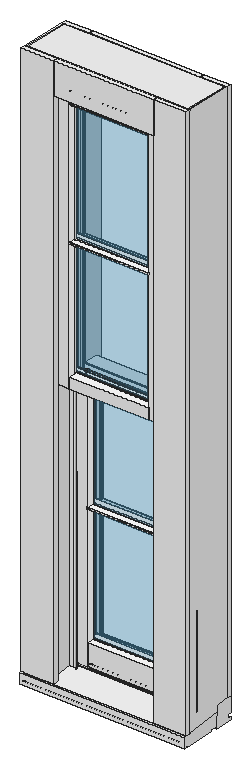
Revit family "B1-22N", category Generic Models, Revit 2012
Parameters (values of type "Window Sill drawing")
  Width = 1600 mm
  Height = 1250 mm
  GlazingPanelMaterial = Glass
  Floor Material = White
Reference planes
  plane 1 "Center (Front/Back)": y = 0
  plane 2: z = 0
  plane 3 "Center (Left/Right)": x = 104
  plane 4: z = 1770
  plane 5: x = -800
  plane 6: y = -21.25
  plane 7: y = 137.75
  plane 8: x = -669
  plane 9: y = -21.25
  plane 10: z = 901.52
  plane 11: z = 857.52
  plane 12: z = 1670
  plane 13: z = 1684
  plane 14: z = 33
  plane 15: z = 1688
  plane 16: z = 68
  plane 17: x = -289
  plane 18: x = -431.5
  plane 19: x = -184.921
  plane 20: z = -98.018
  plane 21: x = 73
  plane 22: x = 718
  plane 23: z = 1770
  plane 24: y = 110
  plane 25: y = 110
  plane 26: y = 110
  plane 27: z = 484
  plane 28: z = 1639.938
  plane 29: z = 1254.52
  plane 30: y = 39
  plane 31: y = 39
  plane 32: y = 39
  plane 33: x = -419.843
  plane 34: z = 902.011
  plane 35: x = -669
  plane 36: z = 902.011
  plane 37: x = -419.937
Forms (mm)
  Extrusion 1, solid, material "White" <- "Floor Material"
    sketch origin (250, 0, 589.815) x (0, 1, 0) y (0, 0, 1)
      loop
        arc (117, 270.705) -> (122.657, 273.048) -> (125, 278.705) r 8
        line (125, 278.705) -> (128, 278.705) -> (128, 283.705) -> (109, 283.705) -> (109, 271.705) -> (112, 271.705) -> (113, 267.705) -> (117, 267.705) -> (117, 270.705)
      loop
        line (105, 279.705) -> (89, 279.705) -> (89, 269.705) -> (105, 269.705) -> (105, 279.705)
      loop
        line (60, 267.705) -> (60, 292.705) -> (54, 292.705) -> (54, 295.705) -> (12, 295.705) -> (12, 311.705) -> (10, 311.705) -> (0, 301.705) -> (0, 267.705) -> (30.175, 267.705) -> (60, 267.705)
      loop
        line (34, 309.705) -> (18, 309.705) -> (18, 299.705) -> (34, 299.705) -> (34, 309.705)
      loop
        arc (55.646, 295.399) -> (54.63, 294.414) -> (55.615, 293.399) r 1
        line (55.615, 293.399) -> (63.114, 293.282) -> (63.176, 297.251) -> (65.188, 294.407)
        arc (65.188, 294.407) -> (66.503, 294.488) -> (66.624, 295.799) r 1.012
        line (66.624, 295.799) -> (63.702, 299.928)
        arc (63.702, 299.928) -> (62.221, 300.474) -> (61.177, 299.288) r 1.396
        line (61.177, 299.288) -> (61.116, 295.314) -> (55.646, 295.399)
    from -917.922 to -671
  Extrusion 2, solid, material "White" <- "Floor Material"
    sketch origin (1015, 13.291, 537.009) x (0, 1, 0) y (0, 0, 1)
      loop
        line (69.709, 336.511) -> (96.209, 336.511) -> (96.209, 364.511) -> (50.709, 364.511) -> (50.709, 359.511) -> (52.709, 349.511) -> (57.709, 349.511) -> (57.709, 339.968) -> (63.93, 339.968) -> (63.93, 336.511) -> (57.709, 336.511) -> (57.709, 320.511) -> (69.709, 320.511) -> (69.709, 336.511)
      loop
        line (53.709, 320.511) -> (53.709, 325.511) -> (51.709, 335.511) -> (46.709, 335.511) -> (46.709, 320.511) -> (53.709, 320.511)
      loop
        line (46.709, 364.511) -> (28.709, 364.511) -> (27.709, 360.511) -> (24.709, 360.511) -> (24.709, 348.511) -> (46.709, 348.511) -> (46.709, 364.511)
      loop
        arc (62.497, 337.083) -> (63.513, 338.067) -> (62.529, 339.083) r 1
        line (62.529, 339.083) -> (55.03, 339.205) -> (54.966, 335.236) -> (52.955, 338.081)
        arc (52.955, 338.081) -> (51.641, 338.001) -> (51.518, 336.69) r 1.012
        line (51.518, 336.69) -> (54.437, 332.56)
        arc (54.437, 332.56) -> (55.919, 332.012) -> (56.963, 333.197) r 1.396
        line (56.963, 333.197) -> (57.027, 337.172) -> (62.497, 337.083)
    from -1688.922 to -1436
  Extrusion 3, solid, material "White" <- "Floor Material"
    sketch origin (865, 123.171, 550.733) x (0, 1, 0) y (0, 0, 1)
      loop
        line (-14.171, 306.296) -> (-10.171, 306.787) -> (-11.171, 310.787) -> (-14.171, 310.787) -> (-14.171, 306.296)
      loop
        line (-38.171, 306.542) -> (-38.171, 309.542) -> (-40.171, 309.787) -> (-40.171, 306.787) -> (-38.171, 306.542)
      loop
        line (-85.171, 351.278) -> (-85.171, 346.787) -> (-82.171, 346.787) -> (-81.171, 350.787) -> (-85.171, 351.278)
      loop
        line (-111.171, 347.787) -> (-109.171, 348.033) -> (-109.171, 351.033) -> (-111.171, 350.787) -> (-111.171, 347.787)
    from -1534 to -1302.016
  Extrusion 4, solid, material "Glass" <- "GlazingPanelMaterial"
    sketch origin (150, 64.106, 220.533) x (0, 1, 0) y (0, 0, 1)
      loop
        line (44.88, -103.528) -> (44.88, 652.987) -> (40.88, 652.987) -> (40.88, -103.528) -> (44.88, -103.528)
      loop
        line (24.88, 652.987) -> (20.88, 652.987) -> (20.88, -103.528) -> (24.88, -103.528) -> (24.88, 652.987)
    from -819 to -580.921
  Extrusion 5, solid, material "White" <- "Floor Material"
    sketch origin (761.418, 125.498, 896.719) x (0, -0.121869, -0.992546) y (0, 0.992546, -0.121869)
      loop
        line (28.327, -57.65) -> (23.969, -54.354)
        arc (23.969, -54.354) -> (22.506, -54.612) -> (22.765, -56.075) r 1.05
        line (22.765, -56.075) -> (26.332, -58.837)
        arc (26.332, -58.837) -> (26.584, -59.776) -> (25.835, -60.396) r 0.9
        line (25.835, -60.396) -> (19.693, -61.15)
        arc (19.693, -61.15) -> (19.162, -61.383) -> (18.989, -61.936) r 0.7
        line (18.989, -61.936) -> (19.197, -63.633) -> (19.712, -64.398) -> (20.1, -67.562) -> (19.196, -66.76) -> (19.293, -67.554) -> (20.152, -68.225) -> (20.951, -68.183) -> (23.094, -67.324) -> (22.996, -66.53) -> (20.532, -66.978) -> (20.205, -64.315)
        arc (20.205, -64.315) -> (20.389, -63.651) -> (20.989, -63.312) r 0.9
        line (20.989, -63.312) -> (28.761, -62.358)
        arc (28.761, -62.358) -> (29.205, -62.1) -> (29.324, -61.601) r 0.65
        line (29.324, -61.601) -> (28.752, -58.33)
        arc (28.752, -58.33) -> (28.631, -57.932) -> (28.327, -57.65) r 0.798
    from -1430.418 to -1181
  Extrusion 6, solid, material "White" <- "Floor Material"
    sketch origin (911.418, 126.532, 897.954) x (0, -0.121869, -0.992546) y (0, 0.992546, -0.121869)
      loop
        arc (25.38, -55.148) -> (23.778, -55.428) -> (24.057, -57.03) r 1.15
        line (24.057, -57.03) -> (27.62, -59.789)
        arc (27.62, -59.789) -> (27.84, -60.623) -> (27.175, -61.172) r 0.8
        line (27.175, -61.172) -> (20.939, -61.931)
        arc (20.939, -61.931) -> (20.405, -62.232) -> (20.241, -62.823) r 0.8
        line (20.241, -62.823) -> (20.45, -64.52) -> (20.968, -65.312) -> (21.339, -68.337) -> (20.548, -67.635) -> (20.645, -68.429) -> (21.504, -69.1) -> (22.303, -69.058) -> (24.446, -68.2) -> (24.348, -67.406) -> (21.983, -67.835) -> (21.657, -65.178)
        arc (21.657, -65.178) -> (21.82, -64.588) -> (22.353, -64.287) r 0.8
        line (22.353, -64.287) -> (30.127, -63.332)
        arc (30.127, -63.332) -> (30.638, -63.034) -> (30.774, -62.459) r 0.75
        line (30.774, -62.459) -> (30.244, -59.424)
        arc (30.244, -59.424) -> (30.154, -58.918) -> (29.833, -58.516) r 1.042
        line (29.833, -58.516) -> (25.38, -55.148)
    from -1580.418 to -1331
  Extrusion 7, solid, material "White" <- "Floor Material"
    sketch origin (861.418, 121.497, 909.598) x (0, -0.121869, -0.992546) y (0, 0.992546, -0.121869)
      loop
        line (37.899, -55.316) -> (32.161, -55.997)
        arc (32.161, -55.997) -> (31.827, -56.184) -> (31.724, -56.554) r 0.5
        line (31.724, -56.554) -> (32.395, -62.021) -> (31.491, -61.219) -> (31.588, -62.013) -> (32.447, -62.684) -> (33.246, -62.642) -> (35.389, -61.784) -> (35.291, -60.989) -> (32.827, -61.437) -> (32.285, -57.019)
        arc (32.285, -57.019) -> (32.428, -56.659) -> (32.772, -56.479) r 0.558
        line (32.772, -56.479) -> (37.96, -55.818)
        arc (37.96, -55.818) -> (38.179, -55.536) -> (37.899, -55.316) r 0.253
    from -1530.418 to -1302.918
  Extrusion 8, solid, material "White" <- "Floor Material"
    sketch origin (-78.582, 5.502, 862.603) x (0, 0.121869, 0.992546) y (0, -0.992546, 0.121869)
      loop
        line (28.327, -57.65) -> (23.969, -54.354)
        arc (23.969, -54.354) -> (22.506, -54.612) -> (22.765, -56.075) r 1.05
        line (22.765, -56.075) -> (26.332, -58.837)
        arc (26.332, -58.837) -> (26.584, -59.776) -> (25.835, -60.396) r 0.9
        line (25.835, -60.396) -> (19.693, -61.15)
        arc (19.693, -61.15) -> (19.162, -61.383) -> (18.989, -61.936) r 0.7
        line (18.989, -61.936) -> (19.197, -63.633) -> (19.712, -64.398) -> (20.1, -67.562) -> (19.196, -66.76) -> (19.293, -67.554) -> (20.152, -68.225) -> (20.951, -68.183) -> (23.094, -67.324) -> (22.996, -66.53) -> (20.532, -66.978) -> (20.205, -64.315)
        arc (20.205, -64.315) -> (20.389, -63.651) -> (20.989, -63.312) r 0.9
        line (20.989, -63.312) -> (28.761, -62.358)
        arc (28.761, -62.358) -> (29.205, -62.1) -> (29.324, -61.601) r 0.65
        line (29.324, -61.601) -> (28.752, -58.33)
        arc (28.752, -58.33) -> (28.631, -57.932) -> (28.327, -57.65) r 0.798
    from -590.418 to -352.339
  Extrusion 9, solid, material "White" <- "Floor Material"
    sketch origin (736.418, 9.503, 849.725) x (0, 0.121869, 0.992546) y (0, -0.992546, 0.121869)
      loop
        line (37.899, -55.316) -> (32.161, -55.997)
        arc (32.161, -55.997) -> (31.827, -56.184) -> (31.724, -56.554) r 0.5
        line (31.724, -56.554) -> (32.395, -62.021) -> (31.491, -61.219) -> (31.588, -62.013) -> (32.447, -62.684) -> (33.246, -62.642) -> (35.389, -61.784) -> (35.291, -60.989) -> (32.827, -61.437) -> (32.285, -57.019)
        arc (32.285, -57.019) -> (32.428, -56.659) -> (32.772, -56.479) r 0.558
        line (32.772, -56.479) -> (37.96, -55.818)
        arc (37.96, -55.818) -> (38.179, -55.536) -> (37.899, -55.316) r 0.253
    from -1405.418 to -1167.339
  Extrusion 10, solid, material "White" <- "Floor Material"
    sketch origin (815, 0, 589.815) x (0, 1, 0) y (0, 0, 1)
      loop
        line (38, 299.705) -> (12, 299.705) -> (12, 295.705) -> (38, 295.705) -> (38, 299.705)
      loop
        line (109, 283.705) -> (83, 283.705) -> (83, 279.705) -> (109, 279.705) -> (109, 283.705)
    from -1484 to -1234.582
  Extrusion 11, solid, not visible
    sketch origin (0, 0, 9.375) x (0, 1, 0) y (0, 0, 1)
      loop
        line (94.662, 311.911) -> (94.314, 312.868) -> (95.314, 312.868) -> (93.454, 317.977) -> (86.115, 317.977) -> (85.011, 317.575) -> (64.143, 317.575) -> (64.143, 311.911) -> (94.662, 311.911)
    from 0 to 250
  Extrusion 12, solid, not visible
    sketch origin (0, 0, 9.375) x (0, 1, 0) y (0, 0, 1)
      loop
        line (93.688, 317.334) -> (85.92, 317.334) -> (87.101, 312.926) -> (95.293, 312.926) -> (93.688, 317.334)
      loop
        line (91.853, 322.376) -> (91.853, 328.194)
        arc (91.853, 328.194) -> (91.424, 329.231) -> (90.388, 329.66) r 1.465
        line (90.388, 329.66) -> (71.853, 329.66) -> (71.853, 322.376) -> (91.853, 322.376)
      loop
        line (73.373, 320.598) -> (64.143, 320.598) -> (64.143, 317.575) -> (73.373, 317.575) -> (73.373, 320.598)
      loop
        line (61.169, 311.884) -> (61.169, 316.884) -> (56.169, 316.884)
        arc (56.169, 316.884) -> (53.926, 317.813) -> (52.996, 320.057) r 3.173
        line (52.996, 320.057) -> (52.996, 327.594)
        arc (52.996, 327.594) -> (53.247, 329.284) -> (54.656, 330.25) r 2.138
        line (54.656, 330.25) -> (56.493, 330.25)
        arc (56.493, 330.25) -> (57.939, 329.727) -> (58.925, 328.548) r 2.95
        line (58.925, 328.548) -> (59.306, 324.922) -> (61.24, 324.922) -> (60.612, 330.901)
        arc (60.612, 330.901) -> (59.723, 332.646) -> (57.894, 333.348) r 2.733
        line (57.894, 333.348) -> (52.423, 333.348)
        arc (52.423, 333.348) -> (50.164, 330.795) -> (49.999, 327.391) r 5.139
        line (49.999, 327.391) -> (47.957, 316.884)
        arc (47.957, 316.884) -> (49.179, 314.507) -> (49.698, 311.884) r 9.583
        line (49.698, 311.884) -> (61.169, 311.884)
    from 0 to 250
  Extrusion 13, solid, material "White" <- "Floor Material"
    sketch origin (50, -21.25, 1386.188) x (0, 1, 0) y (0, 0, 1)
      loop
        line (78.5, 268.749) -> (59.5, 268.749) -> (59.5, 256.749) -> (62.5, 256.749) -> (63.5, 252.749) -> (67.5, 252.749) -> (67.5, 255.749)
        arc (67.5, 255.749) -> (73.157, 258.092) -> (75.5, 263.749) r 8
        line (75.5, 263.749) -> (78.5, 263.749) -> (78.5, 268.749)
      loop
        line (67.534, 317.378) -> (63.288, 313.116) -> (63.101, 309.432)
        arc (63.101, 309.432) -> (63.279, 308.951) -> (63.75, 308.749) r 0.65
        line (63.75, 308.749) -> (71.582, 308.749)
        arc (71.582, 308.749) -> (72.219, 308.486) -> (72.482, 307.849) r 0.9
        line (72.482, 307.849) -> (72.482, 305.266) -> (69.639, 305.266) -> (69.639, 304.437) -> (70.5, 304.437) -> (72.582, 304.032) -> (73.5, 304.437) -> (73.5, 308.749) -> (73.4, 310.459)
        arc (73.4, 310.459) -> (73.16, 310.987) -> (72.605, 311.153) r 0.7
        line (72.605, 311.153) -> (66.417, 311.153)
        arc (66.417, 311.153) -> (65.695, 311.514) -> (65.553, 312.309) r 0.9
        line (65.553, 312.309) -> (68.938, 315.817)
        arc (68.938, 315.817) -> (69.016, 317.299) -> (67.534, 317.378) r 1.05
    from -719 to -469.582
  Extrusion 14, solid, material "White" <- "Floor Material"
    sketch origin (50, -21.25, 1375.251) x (0, 1, 0) y (0, 0, 1)
      loop
        line (154, 344.749) -> (154, 388.749) -> (20, 388.749) -> (20, 344.749) -> (154, 344.749)
    from -749.921 to -439
  Extrusion 15, solid, material "Glass" <- "GlazingPanelMaterial"
    sketch origin (0, -6.957, 1128.493) x (0, 1, 0) y (0, 0, 1)
      loop
        line (45.207, -226.973) -> (45.207, 526.445) -> (41.207, 526.445) -> (41.207, -226.973) -> (45.207, -226.973)
      loop
        line (24.957, 526.445) -> (20.957, 526.445) -> (20.957, -226.973) -> (24.957, -226.973) -> (24.957, 526.445)
    from -669 to -430.921
  Extrusion 16, solid, material "White" <- "Floor Material"
    sketch origin (-72.332, 95.318, 1807.485) x (0, 1, 0) y (0, 0, 1)
      loop
        line (-97.368, -115.408) -> (-98.782, -115.408) -> (-98.782, -120.691) -> (-97.368, -120.691) -> (-97.368, -119.602) -> (-97.368, -116.493) -> (-97.368, -115.408)
    from -596.668 to -359.168
  Extrusion 17, solid, material "White" <- "Floor Material"
    sketch origin (50, -21.25, 1386.188) x (0, 1, 0) y (0, 0, 1)
      loop
        line (17, 304.499) -> (13, 304.499) -> (13, 301.999) -> (17, 301.999) -> (17, 299.749) -> (20, 299.749) -> (20, 301.694) -> (19.2, 301.694) -> (19.2, 300.606) -> (17.786, 300.606) -> (17.786, 305.893) -> (19.2, 305.893) -> (19.2, 304.804) -> (20, 304.804) -> (20, 306.749) -> (17, 306.749) -> (17, 304.499)
    from -719 to -481.5
  Extrusion 18, solid, material "White" <- "Floor Material"
    sketch origin (50, -21.25, 1386.188) x (0, 1, 0) y (0, 0, 1)
      loop
        line (23.862, 300.393) -> (23.862, 306.074)
        spline (23.862, 306.074) -> (23.6, 305.683) -> (23.284, 305.425) -> (22.922, 305.27) -> (22.524, 305.189) -> (22.101, 305.153) -> (21.66, 305.133) -> (21.213, 305.1) -> (20.767, 305.024) -> (20.334, 304.876) -> (19.922, 304.627) -> (19.541, 304.248) -> (19.2, 303.71)
        line (19.2, 303.71) -> (19.2, 302.476)
        spline (19.2, 302.476) -> (19.558, 301.967) -> (19.948, 301.615) -> (20.362, 301.392) -> (20.792, 301.269) -> (21.23, 301.216) -> (21.669, 301.205) -> (22.099, 301.206) -> (22.515, 301.191) -> (22.906, 301.132) -> (23.267, 300.998) -> (23.588, 300.761) -> (23.862, 300.393)
    from -719 to -484
  Extrusion 19, solid, material "White" <- "Floor Material"
    sketch origin (-22.332, 36.182, 1807.485) x (0, -1, 0) y (0, 0, -1)
      loop
        line (-97.368, 115.408) -> (-97.368, 116.493) -> (-97.368, 119.602) -> (-97.368, 120.691) -> (-98.782, 120.691) -> (-98.782, 115.408) -> (-97.368, 115.408)
    from -695.605 to -411.668
  Extrusion 20, solid, material "White" <- "Floor Material"
    sketch origin (25, 152.75, 1386.188) x (0, -1, 0) y (0, 0, -1)
      loop
        spline (23.862, -300.393) -> (23.588, -300.761) -> (23.267, -300.998) -> (22.906, -301.132) -> (22.515, -301.191) -> (22.099, -301.206) -> (21.669, -301.205) -> (21.23, -301.216) -> (20.792, -301.269) -> (20.362, -301.392) -> (19.948, -301.615) -> (19.558, -301.967) -> (19.2, -302.476)
        line (19.2, -302.476) -> (19.2, -303.71)
        spline (19.2, -303.71) -> (19.541, -304.248) -> (19.922, -304.627) -> (20.334, -304.876) -> (20.767, -305.024) -> (21.213, -305.1) -> (21.66, -305.133) -> (22.101, -305.153) -> (22.524, -305.189) -> (22.922, -305.27) -> (23.284, -305.425) -> (23.6, -305.683) -> (23.862, -306.074)
        line (23.862, -306.074) -> (23.862, -300.393)
    from -694 to -456.5
  Extrusion 21, solid, material "White" <- "Floor Material"
    sketch origin (50, 234.566, 1502.409) x (0, 1, 0) y (0, 0, 1)
      loop
        line (-222.316, 137.529) -> (-220.566, 137.744) -> (-220.566, 140.529) -> (-222.316, 140.529) -> (-222.316, 137.529)
      loop
        line (-193.316, 140.529) -> (-196.316, 140.529) -> (-196.316, 136.529) -> (-192.316, 136.529) -> (-193.316, 140.529)
    from -719 to -469.582
  Extrusion 22, solid, material "White" <- "Floor Material"
    sketch origin (50, -21.25, 1375.251) x (0, 1, 0) y (0, 0, 1)
      loop
        line (159, 312.749) -> (159, 388.749) -> (20, 388.749) -> (20, 329.749) -> (15, 329.749) -> (15, 321.749) -> (20, 321.749) -> (20, 312.749) -> (83, 312.749) -> (83, 319.749) -> (91, 319.749) -> (91, 312.749) -> (159, 312.749)
    from -767.938 to -421
  Extrusion 23, solid, material "White" <- "Floor Material"
    sketch origin (-172.332, 69.685, -12.907) x (0, -1, 0) y (0, 0, -1)
      loop
        line (-28.815, -17.907) -> (-28.815, -45.907) -> (-33.815, -45.907) -> (-33.815, -60.907) -> (-28.815, -60.907) -> (92.551, -46.005)
        arc (92.551, -46.005) -> (94.432, -45.015) -> (95.185, -43.027) r 3
        line (95.185, -43.027) -> (95.185, -12.907) -> (90.185, -12.907) -> (90.185, -14.907)
        arc (90.185, -14.907) -> (87.185, -17.907) -> (84.185, -14.907) r 3
        line (84.185, -14.907) -> (84.185, -12.907) -> (-8.815, -12.907) -> (-8.815, -17.907) -> (-28.815, -17.907)
    from -627.668 to -116.668
  Extrusion 24, solid, material "White" <- "Floor Material"
    sketch origin (-172.332, 69.685, 0) x (0, -1, 0) y (0, 0, -1)
      loop
        line (-82.815, 0) -> (-82.815, -10) -> (-72.815, -10) -> (-72.815, -20) -> (-82.815, -20) -> (-82.815, -68) -> (-62.815, -68) -> (-28.815, -63.825) -> (-28.815, -58.913)
        arc (-28.815, -58.913) -> (-31.815, -55.913) -> (-28.815, -52.913) r 3
        line (-28.815, -52.913) -> (-28.815, -48) -> (-33.815, -48) -> (-33.815, -33) -> (-28.815, -33) -> (-28.815, 0) -> (-82.815, 0)
    from -627.668 to -116.668
  Extrusion 25, solid, material "White" <- "Floor Material"
    sketch origin (-172.332, 75.723, -26.266) x (0, -1, 0) y (0, 0, -1)
      loop
        line (-6.277, -76.621) -> (-17.277, -77.972) -> (-17.277, -99.936) -> (-21.277, -99.936) -> (-21.277, -139.271) -> (-7.277, -139.271) -> (-7.277, -155.271) -> (-5.277, -155.271) -> (4.723, -145.271) -> (4.723, -77.246)
        arc (4.723, -77.246) -> (3.711, -74.999) -> (1.357, -74.268) r 3
        line (1.357, -74.268) -> (-3.277, -74.837) -> (-3.277, -82.253) -> (-6.277, -82.253) -> (-6.277, -76.621)
      loop
        line (-55.277, -139.271) -> (-29.277, -139.271) -> (-29.277, -99.936) -> (-33.277, -99.936) -> (-33.277, -94.936) -> (-44.277, -96.287) -> (-44.277, -102.287) -> (-47.277, -102.287) -> (-47.277, -96.655) -> (-52.643, -97.314)
        arc (-52.643, -97.314) -> (-54.524, -98.304) -> (-55.277, -100.292) r 3
        line (-55.277, -100.292) -> (-55.277, -139.271)
    from -495.589 to -248.589
  Extrusion 26, solid, material "White" <- "Floor Material"
    sketch origin (-172.332, 36.806, -33.552) x (0, -1, 0) y (0, 0, -1)
      loop
        line (-97.22, -108.207) -> (-97.22, -106.552) -> (-98.72, -106.552) -> (-98.72, -111.552) -> (-97.22, -111.552) -> (-97.22, -109.898)
        spline (-97.22, -109.898) -> (-96.846, -110.536) -> (-96.419, -110.991) -> (-95.951, -111.297) -> (-95.454, -111.486) -> (-94.941, -111.593) -> (-94.423, -111.65) -> (-93.912, -111.691) -> (-93.422, -111.75) -> (-92.964, -111.859) -> (-92.55, -112.054) -> (-92.193, -112.366) -> (-91.905, -112.83)
        line (-91.905, -112.83) -> (-91.905, -105.274)
        spline (-91.905, -105.274) -> (-92.193, -105.738) -> (-92.55, -106.051) -> (-92.964, -106.245) -> (-93.422, -106.355) -> (-93.912, -106.414) -> (-94.423, -106.455) -> (-94.941, -106.512) -> (-95.454, -106.619) -> (-95.951, -106.808) -> (-96.419, -107.113) -> (-96.846, -107.569) -> (-97.22, -108.207)
    from -496.668 to -274.168
  Extrusion 27, solid, material "White" <- "Floor Material"
    sketch origin (-172.332, 73.367, -7.569) x (0, -1, 0) y (0, 0, -1)
      loop
        line (-54.633, -125.574) -> (-51.633, -125.574)
        arc (-51.633, -125.574) -> (-49.289, -131.23) -> (-43.633, -133.574) r 8
        line (-43.633, -133.574) -> (-43.633, -136.574) -> (-39.633, -136.574) -> (-38.633, -132.574) -> (-35.633, -132.574) -> (-35.633, -120.574) -> (-54.633, -120.574) -> (-54.633, -125.574)
    from -496.668 to -269.168
  Extrusion 28, solid, material "White" <- "Floor Material"
    sketch origin (-172.332, 69.685, 0) x (0, -1, 0) y (0, 0, -1)
      loop
        line (-39.315, -113.004) -> (-39.315, -117.004) -> (-15.315, -117.004) -> (-15.315, -126.25) -> (-13.315, -126.004) -> (-13.315, -113.004) -> (-39.315, -113.004)
    from -496.668 to -269.168
  Extrusion 29, solid, material "White" <- "Floor Material"
    sketch origin (-153.582, 101.098, -13.29) x (0, -1, 0) y (0, 0, -1)
      loop
        line (28.327, -57.65) -> (23.969, -54.354)
        arc (23.969, -54.354) -> (22.506, -54.612) -> (22.765, -56.075) r 1.05
        line (22.765, -56.075) -> (26.332, -58.837)
        arc (26.332, -58.837) -> (26.584, -59.776) -> (25.835, -60.396) r 0.9
        line (25.835, -60.396) -> (19.693, -61.15)
        arc (19.693, -61.15) -> (19.162, -61.383) -> (18.989, -61.936) r 0.7
        line (18.989, -61.936) -> (19.197, -63.633) -> (19.712, -64.398) -> (20.1, -67.562) -> (19.196, -66.76) -> (19.293, -67.554) -> (20.152, -68.225) -> (20.951, -68.183) -> (23.094, -67.324) -> (22.996, -66.53) -> (20.532, -66.978) -> (20.205, -64.315)
        arc (20.205, -64.315) -> (20.389, -63.651) -> (20.989, -63.312) r 0.9
        line (20.989, -63.312) -> (28.761, -62.358)
        arc (28.761, -62.358) -> (29.205, -62.1) -> (29.324, -61.601) r 0.65
        line (29.324, -61.601) -> (28.752, -58.33)
        arc (28.752, -58.33) -> (28.631, -57.932) -> (28.327, -57.65) r 0.798
    from -551.339 to -266
  Extrusion 30, solid, material "White" <- "Floor Material"
    sketch origin (-153.582, 113.393, -7.749) x (0, -1, 0) y (0, 0, -1)
      loop
        line (37.899, -55.316) -> (32.161, -55.997)
        arc (32.161, -55.997) -> (31.827, -56.184) -> (31.724, -56.554) r 0.5
        line (31.724, -56.554) -> (32.395, -62.021) -> (31.491, -61.219) -> (31.588, -62.013) -> (32.447, -62.684) -> (33.246, -62.642) -> (35.389, -61.784) -> (35.291, -60.989) -> (32.827, -61.437) -> (32.285, -57.019)
        arc (32.285, -57.019) -> (32.428, -56.659) -> (32.772, -56.479) r 0.558
        line (32.772, -56.479) -> (37.96, -55.818)
        arc (37.96, -55.818) -> (38.179, -55.536) -> (37.899, -55.316) r 0.253
    from -515.418 to -280.418
  Extrusion 31, solid, material "White" <- "Floor Material"
    sketch origin (-172.332, 69.685, 0) x (0, -1, 0) y (0, 0, -1)
      loop
        line (-35.315, -127.004) -> (-19.315, -127.004) -> (-19.315, -117.004) -> (-35.315, -117.004) -> (-35.315, -127.004)
    from -496.668 to -259.168
  Extrusion 32, solid, material "White" <- "Floor Material"
    sketch origin (-153.582, 142.098, 6.744) x (0, -1, 0) y (0, 0, -1)
      loop
        line (28.327, -57.65) -> (23.969, -54.354)
        arc (23.969, -54.354) -> (22.506, -54.612) -> (22.765, -56.075) r 1.05
        line (22.765, -56.075) -> (26.332, -58.837)
        arc (26.332, -58.837) -> (26.584, -59.776) -> (25.835, -60.396) r 0.9
        line (25.835, -60.396) -> (19.693, -61.15)
        arc (19.693, -61.15) -> (19.162, -61.383) -> (18.989, -61.936) r 0.7
        line (18.989, -61.936) -> (19.197, -63.633) -> (19.712, -64.398) -> (20.1, -67.562) -> (19.196, -66.76) -> (19.293, -67.554) -> (20.152, -68.225) -> (20.951, -68.183) -> (23.094, -67.324) -> (22.996, -66.53) -> (20.532, -66.978) -> (20.205, -64.315)
        arc (20.205, -64.315) -> (20.389, -63.651) -> (20.989, -63.312) r 0.9
        line (20.989, -63.312) -> (28.761, -62.358)
        arc (28.761, -62.358) -> (29.205, -62.1) -> (29.324, -61.601) r 0.65
        line (29.324, -61.601) -> (28.752, -58.33)
        arc (28.752, -58.33) -> (28.631, -57.932) -> (28.327, -57.65) r 0.798
    from -515.418 to -287.918
  Extrusion 33, solid, material "White" <- "Floor Material"
    sketch origin (-153.582, 143.45, 5.869) x (0, -1, 0) y (0, 0, -1)
      loop
        arc (25.38, -55.148) -> (23.778, -55.428) -> (24.057, -57.03) r 1.15
        line (24.057, -57.03) -> (27.62, -59.789)
        arc (27.62, -59.789) -> (27.84, -60.623) -> (27.175, -61.172) r 0.8
        line (27.175, -61.172) -> (20.939, -61.931)
        arc (20.939, -61.931) -> (20.405, -62.232) -> (20.241, -62.823) r 0.8
        line (20.241, -62.823) -> (20.45, -64.52) -> (20.968, -65.312) -> (21.339, -68.337) -> (20.548, -67.635) -> (20.645, -68.429) -> (21.504, -69.1) -> (22.303, -69.058) -> (24.446, -68.2) -> (24.348, -67.406) -> (21.983, -67.835) -> (21.657, -65.178)
        arc (21.657, -65.178) -> (21.82, -64.588) -> (22.353, -64.287) r 0.8
        line (22.353, -64.287) -> (30.127, -63.332)
        arc (30.127, -63.332) -> (30.638, -63.034) -> (30.774, -62.459) r 0.75
        line (30.774, -62.459) -> (30.244, -59.424)
        arc (30.244, -59.424) -> (30.154, -58.918) -> (29.833, -58.516) r 1.042
        line (29.833, -58.516) -> (25.38, -55.148)
    from -515.418 to -287.918
  Extrusion 34, solid, material "White" <- "Floor Material"
    sketch origin (-153.582, 154.393, 12.285) x (0, -1, 0) y (0, 0, -1)
      loop
        line (37.899, -55.316) -> (32.161, -55.997)
        arc (32.161, -55.997) -> (31.827, -56.184) -> (31.724, -56.554) r 0.5
        line (31.724, -56.554) -> (32.395, -62.021) -> (31.491, -61.219) -> (31.588, -62.013) -> (32.447, -62.684) -> (33.246, -62.642) -> (35.389, -61.784) -> (35.291, -60.989) -> (32.827, -61.437) -> (32.285, -57.019)
        arc (32.285, -57.019) -> (32.428, -56.659) -> (32.772, -56.479) r 0.558
        line (32.772, -56.479) -> (37.96, -55.818)
        arc (37.96, -55.818) -> (38.179, -55.536) -> (37.899, -55.316) r 0.253
    from -515.418 to -287.918
  Extrusion 35, solid, material "White" <- "Floor Material"
    sketch origin (-172.332, 69.685, 0) x (0, -1, 0) y (0, 0, -1)
      loop
        line (-39.315, -129.495) -> (-39.315, -125.004) -> (-42.315, -125.004) -> (-43.315, -129.004) -> (-39.315, -129.495)
      loop
        line (-15.315, -129.25) -> (-13.315, -129.004) -> (-13.315, -126.004) -> (-15.315, -126.25) -> (-15.315, -129.25)
    from -496.668 to -247.25
  Extrusion 36, solid, material "White" <- "Floor Material"
    sketch origin (-511.418, -643.153, 0) x (1, 0, 0) y (0, 1, 0)
      loop
        line (-280.004, 695.902) -> (-280.004, 650.902) -> (-235.004, 650.902) -> (-235.004, 695.902) -> (-280.004, 695.902)
      loop
        circle (-257.504, 673.402) r 3.5
      loop
        circle (-257.504, 744.402) r 3.5
      loop
        line (-235.004, 766.902) -> (-280.004, 766.902) -> (-280.004, 721.902) -> (-235.004, 721.902) -> (-235.004, 766.902)
      loop
        line (-281.504, 707.402) -> (-233.504, 707.402) -> (-233.504, 710.402) -> (-281.504, 710.402) -> (-281.504, 707.402)
      loop
        line (-206.504, 712.902) -> (-213.504, 712.902) -> (-213.504, 704.902) -> (-192.504, 704.902)
        arc (-192.504, 704.902) -> (-188.504, 708.902) -> (-192.504, 712.902) r 4
        line (-192.504, 712.902) -> (-206.504, 712.902)
    from 33 to 1685.937
  Extrusion 37, solid, material "White" <- "Floor Material"
    sketch origin (-511.434, -643.965, 0) x (1, 0, 0) y (0, 1, 0)
      loop
        line (-209.504, 752.402) -> (-254.504, 752.402) -> (-254.504, 736.402) -> (-209.504, 736.402) -> (-209.504, 729.902) -> (-206.504, 729.902) -> (-206.504, 758.902) -> (-209.504, 758.902) -> (-209.504, 752.402)
      loop
        line (-254.504, 681.402) -> (-254.504, 665.402) -> (-209.504, 665.402) -> (-209.504, 658.902) -> (-206.504, 658.902) -> (-206.504, 687.902) -> (-209.504, 687.902) -> (-209.504, 681.402) -> (-254.504, 681.402)
    from 33 to 923.04
  Extrusion 38, solid, material "White" <- "Floor Material"
    sketch origin (-511.418, -571.902, -672) x (1, 0, 0) y (0, 1, 0)
      loop
        line (-156.504, 643.402) -> (-146.504, 653.402) -> (-146.504, 655.402) -> (-162.504, 655.402) -> (-162.504, 703.402) -> (-199.504, 703.402)
        arc (-199.504, 703.402) -> (-201.625, 702.524) -> (-202.504, 700.402) r 3
        line (-202.504, 700.402) -> (-202.504, 679.402) -> (-196.504, 679.402) -> (-196.504, 667.402) -> (-202.504, 667.402) -> (-202.504, 654.402) -> (-196.504, 654.402) -> (-196.504, 651.402) -> (-202.504, 651.402) -> (-202.504, 646.402)
        arc (-202.504, 646.402) -> (-201.625, 644.281) -> (-199.504, 643.402) r 3
        line (-199.504, 643.402) -> (-156.504, 643.402)
    from 717.039 to 1545.52
  Extrusion 39, solid, material "White" <- "Floor Material"
    sketch origin (-511.418, -571.902, -672) x (1, 0, 0) y (0, 1, 0)
      loop
        line (-162.504, 700.402) -> (-162.504, 681.402) -> (-150.504, 681.402) -> (-150.504, 684.402) -> (-146.504, 685.402) -> (-146.504, 689.402) -> (-149.504, 689.402)
        arc (-149.504, 689.402) -> (-151.847, 695.059) -> (-157.504, 697.402) r 8
        line (-157.504, 697.402) -> (-157.504, 700.402) -> (-162.504, 700.402)
    from 705 to 1540.52
  Extrusion 40, solid, not visible
    sketch origin (-848.022, -244.537, 0) x (1, 0, 0) y (0, 1, 0)
      loop
        line (-156.504, 643.402) -> (-146.504, 653.402) -> (-146.504, 655.402) -> (-162.504, 655.402) -> (-162.504, 703.402) -> (-199.504, 703.402)
        arc (-199.504, 703.402) -> (-201.625, 702.524) -> (-202.504, 700.402) r 3
        line (-202.504, 700.402) -> (-202.504, 695.402) -> (-196.504, 695.402) -> (-196.504, 692.402) -> (-202.504, 692.402) -> (-202.504, 679.402) -> (-196.504, 679.402) -> (-196.504, 667.402) -> (-202.504, 667.402) -> (-202.504, 646.402)
        arc (-202.504, 646.402) -> (-201.625, 644.281) -> (-199.504, 643.402) r 3
        line (-199.504, 643.402) -> (-156.504, 643.402)
    from 672 to 1294
  Extrusion 41, solid, not visible
    sketch origin (-848.022, -244.537, 0) x (1, 0, 0) y (0, 1, 0)
      loop
        line (-162.504, 700.402) -> (-162.504, 681.402) -> (-150.504, 681.402) -> (-150.504, 684.402) -> (-146.504, 685.402) -> (-146.504, 689.402) -> (-149.504, 689.402)
        arc (-149.504, 689.402) -> (-151.847, 695.059) -> (-157.504, 697.402) r 8
        line (-157.504, 697.402) -> (-157.504, 700.402) -> (-162.504, 700.402)
    from 672 to 1294
  Extrusion 42, solid, material "White" <- "Floor Material"
    sketch origin (-511.418, -714.403, 333.96) x (1, 0, 0) y (0, 1, 0)
      loop
        arc (-199.504, 774.402) -> (-201.625, 773.524) -> (-202.504, 771.402) r 3
        line (-202.504, 771.402) -> (-202.504, 766.402) -> (-196.504, 766.402) -> (-196.504, 763.402) -> (-202.504, 763.402) -> (-202.504, 750.402) -> (-196.504, 750.402) -> (-196.504, 738.402) -> (-202.504, 738.402) -> (-202.504, 717.402)
        arc (-202.504, 717.402) -> (-201.625, 715.281) -> (-199.504, 714.402) r 3
        line (-199.504, 714.402) -> (-156.504, 714.402) -> (-146.504, 724.402) -> (-146.504, 726.402) -> (-162.504, 726.402) -> (-162.504, 774.402) -> (-199.504, 774.402)
    from 523.56 to 1350.04
  Extrusion 43, solid, material "White" <- "Floor Material"
    sketch origin (-511.418, -714.403, 288.96) x (1, 0, 0) y (0, 1, 0)
      loop
        line (-157.504, 771.402) -> (-162.504, 771.402) -> (-162.504, 752.402) -> (-150.504, 752.402) -> (-150.504, 755.402) -> (-146.504, 756.402) -> (-146.504, 760.402) -> (-149.504, 760.402)
        arc (-149.504, 760.402) -> (-151.847, 766.059) -> (-157.504, 768.402) r 8
        line (-157.504, 768.402) -> (-157.504, 771.402)
    from 610.56 to 1395.04
  Extrusion 44, solid, material "White" <- "Floor Material"
    sketch origin (-511.418, 774.897, -660) x (1, 0, 0) y (0, 1, 0)
      loop
        arc (-204.331, -687.749) -> (-207.239, -689.467) -> (-208.592, -692.561) r 5.492
        arc (-208.592, -692.561) -> (-208.577, -693.238) -> (-207.9, -693.253) r 0.49
        line (-207.9, -693.253) -> (-207.702, -692.118)
        arc (-207.702, -692.118) -> (-206.44, -689.941) -> (-204.202, -688.789) r 4.477
        arc (-204.202, -688.789) -> (-203.814, -688.735) -> (-203.578, -688.421) r 0.511
        line (-203.578, -688.421) -> (-203.578, -686.619)
        arc (-203.578, -686.619) -> (-203.274, -687.204) -> (-203.257, -687.863) r 1.462
        line (-203.257, -687.863) -> (-203.257, -695.734)
        arc (-203.257, -695.734) -> (-202.89, -696.174) -> (-202.523, -695.734) r 0.373
        line (-202.523, -695.734) -> (-202.523, -693.221) -> (-200.345, -693.221) -> (-201.733, -694.086) -> (-199.555, -694.086) -> (-198.017, -693.779) -> (-198.017, -692.744)
        arc (-198.017, -692.744) -> (-198.357, -692.518) -> (-198.75, -692.402) r 1.365
        line (-198.75, -692.402) -> (-202.504, -692.402) -> (-202.504, -686.348)
        arc (-202.504, -686.348) -> (-203.437, -685.545) -> (-204.331, -686.391) r 0.919
        line (-204.331, -686.391) -> (-204.331, -687.749)
    from 660 to 1282
  Extrusion 45, solid, material "White" <- "Floor Material"
    sketch origin (-511.418, 774.402, 313.96) x (1, 0, 0) y (0, 1, 0)
      loop
        line (-204.331, -730.055) -> (-204.331, -731.414)
        arc (-204.331, -731.414) -> (-203.437, -732.26) -> (-202.504, -731.457) r 0.919
        line (-202.504, -731.457) -> (-202.504, -725.402) -> (-198.44, -725.402)
        arc (-198.44, -725.402) -> (-197.968, -724.672) -> (-198.44, -723.941) r 0.802
        line (-198.44, -723.941) -> (-199.555, -723.719) -> (-201.729, -723.719) -> (-201.113, -724.274) -> (-200.345, -724.584) -> (-202.523, -724.584) -> (-202.523, -722.012)
        arc (-202.523, -722.012) -> (-202.923, -721.612) -> (-203.323, -722.012) r 0.4
        line (-203.323, -722.012) -> (-203.323, -731.425) -> (-203.578, -730.607) -> (-203.578, -729.384)
        arc (-203.578, -729.384) -> (-203.814, -729.07) -> (-204.202, -729.016) r 0.511
        arc (-204.202, -729.016) -> (-206.634, -727.667) -> (-207.8, -725.142) r 4.477
        arc (-207.8, -725.142) -> (-208.241, -724.845) -> (-208.592, -725.244) r 0.402
        arc (-208.592, -725.244) -> (-207.239, -728.338) -> (-204.331, -730.055) r 5.492
    from 638 to 1370.04
  Extrusion 46, solid, not visible
    sketch origin (-511.418, -643.152, -230) x (1, 0, 0) y (0, 1, 0)
      loop
        line (-200.504, 641.902) -> (-200.504, 638.902) -> (-198.254, 638.902) -> (-198.254, 634.902) -> (-195.818, 634.902) -> (-195.818, 638.902) -> (-193.504, 638.902) -> (-193.504, 641.902) -> (-195.282, 641.902) -> (-195.282, 641.116) -> (-194.482, 641.116) -> (-194.482, 639.814) -> (-199.81, 639.814) -> (-199.81, 641.116) -> (-199.01, 641.116) -> (-199.01, 641.902) -> (-200.504, 641.902)
    from 230 to 852
  Extrusion 47, solid, not visible
    sketch origin (-511.418, -643.152, -140) x (1, 0, 0) y (0, 1, 0)
      loop
        line (-194.482, 639.814) -> (-194.482, 641.116) -> (-199.81, 641.116) -> (-199.81, 639.814) -> (-194.482, 639.814)
    from 140 to 762
  Extrusion 48, solid, not visible
    sketch origin (-511.418, -643.152, 0) x (1, 0, 0) y (0, 1, 0)
      loop
        spline (-199.847, 645.779) -> (-199.478, 645.505) -> (-199.241, 645.183) -> (-199.108, 644.823) -> (-199.048, 644.431) -> (-199.033, 644.016) -> (-199.035, 643.585) -> (-199.023, 643.147) -> (-198.97, 642.709) -> (-198.847, 642.279) -> (-198.624, 641.865) -> (-198.272, 641.475) -> (-197.764, 641.116)
        line (-197.764, 641.116) -> (-196.529, 641.116)
        spline (-196.529, 641.116) -> (-195.991, 641.457) -> (-195.612, 641.839) -> (-195.363, 642.251) -> (-195.215, 642.684) -> (-195.139, 643.129) -> (-195.106, 643.577) -> (-195.086, 644.017) -> (-195.05, 644.441) -> (-194.969, 644.838) -> (-194.814, 645.2) -> (-194.556, 645.517) -> (-194.166, 645.779)
        line (-194.166, 645.779) -> (-199.847, 645.779)
    from 0 to 622
  Extrusion 49, solid, material "White" <- "Floor Material"
    sketch origin (-513.129, -642.215, -140) x (1, 0, 0) y (0, 1, 0)
      loop
        line (-194.482, 777.991) -> (-199.81, 777.991) -> (-199.81, 776.688) -> (-194.482, 776.688) -> (-194.482, 777.991)
    from 140 to 762
  Extrusion 50, solid, material "White" <- "Floor Material"
    sketch origin (-513.129, -642.215, 0) x (1, 0, 0) y (0, 1, 0)
      loop
        line (-199.847, 772.026) -> (-194.166, 772.026)
        spline (-194.166, 772.026) -> (-194.556, 772.288) -> (-194.814, 772.604) -> (-194.969, 772.966) -> (-195.05, 773.364) -> (-195.086, 773.787) -> (-195.106, 774.228) -> (-195.139, 774.675) -> (-195.215, 775.121) -> (-195.363, 775.554) -> (-195.612, 775.966) -> (-195.991, 776.347) -> (-196.529, 776.688)
        line (-196.529, 776.688) -> (-197.764, 776.688)
        spline (-197.764, 776.688) -> (-198.272, 776.33) -> (-198.624, 775.94) -> (-198.847, 775.526) -> (-198.97, 775.096) -> (-199.023, 774.658) -> (-199.035, 774.219) -> (-199.033, 773.789) -> (-199.048, 773.373) -> (-199.108, 772.982) -> (-199.241, 772.621) -> (-199.478, 772.3) -> (-199.847, 772.026)
    from 0 to 622
  Extrusion 51, solid, material "White" <- "Floor Material"
    sketch origin (-509.535, 775.395, 333.96) x (1, 0, 0) y (0, 1, 0)
      loop
        line (-196.365, -777.429) -> (-197.323, -777.429) -> (-200.433, -777.429) -> (-201.693, -777.429) -> (-201.693, -778.733) -> (-196.365, -778.733) -> (-196.365, -777.429)
    from 618 to 1350.04
  Extrusion 52, solid, material "White" <- "Floor Material"
    sketch origin (-509.535, 775.395, 308.96) x (1, 0, 0) y (0, 1, 0)
      loop
        spline (-201.578, -772.766) -> (-201.21, -773.041) -> (-200.973, -773.362) -> (-200.839, -773.722) -> (-200.779, -774.114) -> (-200.765, -774.529) -> (-200.766, -774.96) -> (-200.755, -775.398) -> (-200.702, -775.836) -> (-200.579, -776.266) -> (-200.356, -776.68) -> (-200.004, -777.07) -> (-199.495, -777.429)
        line (-199.495, -777.429) -> (-198.261, -777.429)
        spline (-198.261, -777.429) -> (-197.722, -777.088) -> (-197.343, -776.707) -> (-197.095, -776.295) -> (-196.947, -775.861) -> (-196.871, -775.416) -> (-196.837, -774.968) -> (-196.817, -774.528) -> (-196.782, -774.104) -> (-196.701, -773.707) -> (-196.546, -773.345) -> (-196.288, -773.028) -> (-195.897, -772.766)
        line (-195.897, -772.766) -> (-201.578, -772.766)
    from 643 to 1375.04
  Extrusion 53, solid, material "White" <- "Floor Material"
    sketch origin (-510.459, 770.224, 333.96) x (1, 0, 0) y (0, 1, 0)
      loop
        line (-201.463, -771.474) -> (-201.463, -774.474) -> (-199.213, -774.474) -> (-199.213, -778.474) -> (-196.777, -778.474) -> (-196.777, -774.474) -> (-194.463, -774.474) -> (-194.463, -771.474) -> (-196.241, -771.474) -> (-196.241, -772.26) -> (-195.441, -772.26) -> (-195.441, -773.563) -> (-200.769, -773.563) -> (-200.769, -772.26) -> (-199.969, -772.26) -> (-199.969, -771.474) -> (-201.463, -771.474)
    from 618 to 1350.04
  Extrusion 54, solid, material "White" <- "Floor Material"
    sketch origin (0, 0, 740.96) x (0, 1, 0) y (0, 0, 1)
      loop
        line (-21.25, 1029.04) -> (-21.25, 929.04) -> (-1.25, 929.04) -> (-1.25, 934.04) -> (-4.25, 934.04) -> (-4.25, 937.286) -> (-5.069, 937.286) -> (-4.706, 936.29) -> (-5.702, 937.286) -> (-5.702, 936.29) -> (-6.538, 937.286) -> (-6.538, 936.29) -> (-8.25, 937.54) -> (-6.538, 938.79) -> (-6.538, 937.794) -> (-5.702, 938.79) -> (-5.702, 937.794) -> (-4.706, 938.79) -> (-5.069, 937.794) -> (-4.25, 937.794) -> (-4.25, 938.79) -> (-4.25, 941.04) -> (-1.25, 941.04) -> (-1.25, 947.04) -> (-1.25, 956.04) -> (-6.25, 956.04) -> (-6.25, 964.04) -> (-1.25, 964.04) -> (-1.25, 1023.04) -> (-6.25, 1023.04) -> (-6.25, 1029.04) -> (-21.25, 1029.04)
      loop
        line (69.75, 933.04) -> (69.75, 947.04) -> (69.75, 954.04) -> (61.75, 954.04) -> (61.75, 933.04)
        arc (61.75, 933.04) -> (65.75, 929.04) -> (69.75, 933.04) r 4
    from -699.921 to -389
  Extrusion 55, solid, material "White" <- "Floor Material"
    sketch origin (-511.418, -643.152, 0) x (1, 0, 0) y (0, 1, 0)
      loop
        line (-288.504, 795.902) -> (-288.504, 780.902) -> (-206.504, 780.902) -> (-206.504, 795.902) -> (-288.504, 795.902)
    from 68 to 1770
  Extrusion 56, solid, material "White" <- "Floor Material"
    sketch origin (-511.418, -643.152, 0) x (1, 0, 0) y (0, 1, 0)
      loop
        line (-288.504, 621.902) -> (-188.504, 621.902) -> (-188.504, 636.902) -> (-288.504, 636.902) -> (-288.504, 621.902)
    from 33 to 1770
  Extrusion 57, solid, material "White" <- "Floor Material"
    sketch origin (-421.397, 18.977, 0) x (0, 1, 0) y (0, 0, -1)
      loop
        line (118.773, -68) -> (113.523, -68) -> (79.523, -63.825) -> (79.523, -58.913)
        arc (79.523, -58.913) -> (82.523, -55.913) -> (79.523, -52.913) r 3
        line (79.523, -52.913) -> (79.523, -48) -> (-25.227, -35.138) -> (-25.227, -1770) -> (118.773, -1770) -> (118.773, -68)
    from 372.603 to 378.603
  Extrusion 58, solid, material "White" <- "Floor Material"
    sketch origin (0, 0, 746.96) x (0, 1, 0) y (0, 0, 1)
      loop
        line (137.75, 1023.04) -> (-6.25, 1023.04) -> (-6.25, 1017.04) -> (137.75, 1017.04) -> (137.75, 1023.04)
    from -793.921 to -294.921
  Sweep 59, solid, material "White" <- "Floor Material"
    path origin (0, -30, 0) x (1, 0, 0) y (0, 0, 1)
      loop
        line (-717.921, 1688) -> (-717.921, 68) -> (-371, 68) -> (-371, 1688) -> (-717.921, 1688)
    profile origin (-544.461, -30, 1688) x (0, 0, 1) y (0, -1, 0)
      loop
        line (-15, -162.75) -> (-15, -176.75)
        arc (-15, -176.75) -> (-9, -182.75) -> (-3, -176.75) r 6
        line (-3, -176.75) -> (0, -176.75) -> (0, -162.75) -> (-15, -162.75)
  Extrusion 60, solid, material "White" <- "Floor Material"
    sketch origin (0, 0, 740.96) x (0, 1, 0) y (0, 0, 1)
      loop
        line (132.75, 1023.04) -> (132.75, 964.04) -> (137.75, 964.04) -> (137.75, 956.04) -> (132.75, 956.04) -> (132.75, 947.04) -> (152.75, 947.04) -> (152.75, 1029.04) -> (137.75, 1029.04) -> (137.75, 1023.04) -> (132.75, 1023.04)
    from -717.938 to -371
  Extrusion 61, solid, material "White" <- "Floor Material"
    sketch origin (-511.417, -643.152, 0) x (1, 0, 0) y (0, 1, 0)
      loop
        line (-232.504, 775.902) -> (-232.504, 641.902) -> (-223.504, 641.902) -> (-223.504, 636.902) -> (-215.504, 636.902) -> (-215.504, 641.902) -> (-206.504, 641.902) -> (-206.504, 775.902) -> (-215.504, 775.902) -> (-215.504, 780.902) -> (-223.504, 780.902) -> (-223.504, 775.902) -> (-232.504, 775.902)
    from 0 to 1684
  Extrusion 62, solid, material "White" <- "Floor Material"
    sketch origin (-511.418, -571.902, -672) x (1, 0, 0) y (0, 1, 0)
      loop
        line (-162.504, 700.402) -> (-162.504, 681.402) -> (-150.504, 681.402) -> (-150.504, 684.402) -> (-146.504, 685.402) -> (-146.504, 689.402) -> (-149.504, 689.402)
        arc (-149.504, 689.402) -> (-151.847, 695.059) -> (-157.504, 697.402) r 8
        line (-157.504, 697.402) -> (-157.504, 700.402) -> (-162.504, 700.402)
    from 705 to 1545.52
  Extrusion 63, solid, material "White" <- "Floor Material"
    sketch origin (-511.418, -571.902, 81.96) x (1, 0, 0) y (0, 1, 0)
      loop
        line (-162.504, 643.402) -> (-162.504, 703.402) -> (-199.504, 703.402)
        arc (-199.504, 703.402) -> (-201.625, 702.524) -> (-202.504, 700.402) r 3
        line (-202.504, 700.402) -> (-202.504, 679.402) -> (-196.504, 679.402) -> (-196.504, 667.402) -> (-202.504, 667.402) -> (-202.504, 654.402) -> (-196.504, 654.402) -> (-196.504, 651.402) -> (-202.504, 651.402) -> (-202.504, 646.402)
        arc (-202.504, 646.402) -> (-201.625, 644.281) -> (-199.504, 643.402) r 3
        line (-199.504, 643.402) -> (-162.504, 643.402)
    from 791.56 to 1603.04
  Extrusion 64, solid, material "White" <- "Floor Material", detail levels fine
    sketch origin (418.078, 16.904, 492.825) x (0, 0, 1) y (0, 1, 0)
      loop
        line (-8.825, 91.096) -> (11.175, 91.096) -> (11.175, 99.096) -> (9.175, 99.096) -> (9.175, 101.596)
        arc (9.175, 101.596) -> (7.469, 106.111) -> (3.675, 109.096) r 9
        line (3.675, 109.096) -> (3.675, 111.096) -> (-1.325, 111.096) -> (-1.325, 109.096)
        arc (-1.325, 109.096) -> (-5.325, 105.779) -> (-6.825, 100.804) r 9
        line (-6.825, 100.804) -> (-6.825, 99.096) -> (-8.825, 99.096) -> (-8.825, 91.096)
      loop
        line (11.175, 62.296) -> (11.175, 65.096) -> (-8.825, 65.096) -> (-8.825, 62.296) -> (-1.325, 54.142) -> (-1.325, 52.142) -> (3.675, 52.142) -> (3.675, 54.142) -> (11.175, 62.296)
    from 838.999 to 1087.078
  Extrusion 65, solid, material "White" <- "Floor Material"
    sketch origin (418.078, 71, 892.094) x (0, 0, 1) y (0, 1, 0)
      loop
        line (-408.094, 34) -> (-408.094, 18) -> (-388.094, 18) -> (-388.094, 34) -> (-408.094, 34)
    from 838.999 to 1087.078
  Extrusion 66, solid, material "White" <- "Floor Material"
    sketch origin (-1191.481, -714.403, 1493.434) x (0, 0, -1) y (0, 1, 0)
      loop
        arc (-199.504, 774.402) -> (-201.625, 773.524) -> (-202.504, 771.402) r 3
        line (-202.504, 771.402) -> (-202.504, 766.402) -> (-196.504, 766.402) -> (-196.504, 763.402) -> (-202.504, 763.402) -> (-202.504, 750.402) -> (-196.504, 750.402) -> (-196.504, 738.402) -> (-202.504, 738.402) -> (-202.504, 717.402)
        arc (-202.504, 717.402) -> (-201.625, 715.281) -> (-199.504, 714.402) r 3
        line (-199.504, 714.402) -> (-156.504, 714.402) -> (-146.504, 724.402) -> (-146.504, 726.402) -> (-162.504, 726.402) -> (-162.504, 774.402) -> (-199.504, 774.402)
    from 523.56 to 770.56
  Extrusion 67, solid, material "White" <- "Floor Material", detail levels fine
    sketch origin (418.078, -54.096, 1263.345) x (0, 0, 1) y (0, 1, 0)
      loop
        line (-8.825, 91.096) -> (11.175, 91.096) -> (11.175, 99.096) -> (9.175, 99.096) -> (9.175, 101.596)
        arc (9.175, 101.596) -> (7.469, 106.111) -> (3.675, 109.096) r 9
        line (3.675, 109.096) -> (3.675, 111.096) -> (-1.325, 111.096) -> (-1.325, 109.096)
        arc (-1.325, 109.096) -> (-5.325, 105.779) -> (-6.825, 100.804) r 9
        line (-6.825, 100.804) -> (-6.825, 99.096) -> (-8.825, 99.096) -> (-8.825, 91.096)
      loop
        line (11.175, 62.296) -> (11.175, 65.096) -> (-8.825, 65.096) -> (-8.825, 62.296) -> (-1.325, 54.142) -> (-1.325, 52.142) -> (3.675, 52.142) -> (3.675, 54.142) -> (11.175, 62.296)
    from 838.999 to 1087.078
  Extrusion 68, solid, material "White" <- "Floor Material"
    sketch origin (418.078, 0, 1662.614) x (0, 0, 1) y (0, 1, 0)
      loop
        line (-408.094, 34) -> (-408.094, 18) -> (-388.094, 18) -> (-388.094, 34) -> (-408.094, 34)
    from 837.999 to 1087.078
  Extrusion 69, solid, material "White" <- "Floor Material"
    sketch origin (-577.425, -643.153, 0) x (-1, 0, 0) y (0, -1, 0)
      loop
        line (-280.004, -695.902) -> (-235.004, -695.902) -> (-235.004, -650.902) -> (-280.004, -650.902) -> (-280.004, -695.902)
      loop
        circle (-257.504, -673.402) r 3.5
      loop
        circle (-257.504, -744.402) r 3.5
      loop
        line (-235.004, -766.902) -> (-235.004, -721.902) -> (-280.004, -721.902) -> (-280.004, -766.902) -> (-235.004, -766.902)
      loop
        line (-281.504, -707.402) -> (-281.504, -710.402) -> (-233.504, -710.402) -> (-233.504, -707.402) -> (-281.504, -707.402)
      loop
        line (-206.504, -712.902) -> (-192.504, -712.902)
        arc (-192.504, -712.902) -> (-188.504, -708.902) -> (-192.504, -704.902) r 4
        line (-192.504, -704.902) -> (-213.504, -704.902) -> (-213.504, -712.902) -> (-206.504, -712.902)
    from 33 to 1685.937
  Extrusion 70, solid, material "White" <- "Floor Material"
    sketch origin (-577.409, -643.965, 0) x (-1, 0, 0) y (0, -1, 0)
      loop
        line (-209.504, -752.402) -> (-209.504, -758.902) -> (-206.504, -758.902) -> (-206.504, -729.902) -> (-209.504, -729.902) -> (-209.504, -736.402) -> (-254.504, -736.402) -> (-254.504, -752.402) -> (-209.504, -752.402)
      loop
        line (-254.504, -681.402) -> (-209.504, -681.402) -> (-209.504, -687.902) -> (-206.504, -687.902) -> (-206.504, -658.902) -> (-209.504, -658.902) -> (-209.504, -665.402) -> (-254.504, -665.402) -> (-254.504, -681.402)
    from 33 to 923.04
  Extrusion 71, solid, material "White" <- "Floor Material"
    sketch origin (-577.425, -571.902, -672) x (-1, 0, 0) y (0, -1, 0)
      loop
        line (-156.504, -643.402) -> (-199.504, -643.402)
        arc (-199.504, -643.402) -> (-201.625, -644.281) -> (-202.504, -646.402) r 3
        line (-202.504, -646.402) -> (-202.504, -651.402) -> (-196.504, -651.402) -> (-196.504, -654.402) -> (-202.504, -654.402) -> (-202.504, -667.402) -> (-196.504, -667.402) -> (-196.504, -679.402) -> (-202.504, -679.402) -> (-202.504, -700.402)
        arc (-202.504, -700.402) -> (-201.625, -702.524) -> (-199.504, -703.402) r 3
        line (-199.504, -703.402) -> (-162.504, -703.402) -> (-162.504, -655.402) -> (-146.504, -655.402) -> (-146.504, -653.402) -> (-156.504, -643.402)
    from 717.039 to 1545.52
  Extrusion 72, solid, material "White" <- "Floor Material"
    sketch origin (-577.425, -571.902, -672) x (-1, 0, 0) y (0, -1, 0)
      loop
        line (-162.504, -700.402) -> (-157.504, -700.402) -> (-157.504, -697.402)
        arc (-157.504, -697.402) -> (-151.847, -695.059) -> (-149.504, -689.402) r 8
        line (-149.504, -689.402) -> (-146.504, -689.402) -> (-146.504, -685.402) -> (-150.504, -684.402) -> (-150.504, -681.402) -> (-162.504, -681.402) -> (-162.504, -700.402)
    from 705 to 1540.52
  Extrusion 73, solid, material "White" <- "Floor Material"
    sketch origin (-577.425, -714.403, 333.96) x (-1, 0, 0) y (0, -1, 0)
      loop
        line (-199.504, -774.402) -> (-162.504, -774.402) -> (-162.504, -726.402) -> (-146.504, -726.402) -> (-146.504, -724.402) -> (-156.504, -714.402) -> (-199.504, -714.402)
        arc (-199.504, -714.402) -> (-201.625, -715.281) -> (-202.504, -717.402) r 3
        line (-202.504, -717.402) -> (-202.504, -738.402) -> (-196.504, -738.402) -> (-196.504, -750.402) -> (-202.504, -750.402) -> (-202.504, -763.402) -> (-196.504, -763.402) -> (-196.504, -766.402) -> (-202.504, -766.402) -> (-202.504, -771.402)
        arc (-202.504, -771.402) -> (-201.625, -773.524) -> (-199.504, -774.402) r 3
    from 523.56 to 1350.04
  Extrusion 74, solid, material "White" <- "Floor Material"
    sketch origin (-577.425, -714.403, 288.96) x (-1, 0, 0) y (0, -1, 0)
      loop
        line (-157.504, -771.402) -> (-157.504, -768.402)
        arc (-157.504, -768.402) -> (-151.847, -766.059) -> (-149.504, -760.402) r 8
        line (-149.504, -760.402) -> (-146.504, -760.402) -> (-146.504, -756.402) -> (-150.504, -755.402) -> (-150.504, -752.402) -> (-162.504, -752.402) -> (-162.504, -771.402) -> (-157.504, -771.402)
    from 610.56 to 1395.04
  Extrusion 75, solid, material "White" <- "Floor Material"
    sketch origin (-577.425, 774.897, -660) x (-1, 0, 0) y (0, -1, 0)
      loop
        line (-204.331, 687.749) -> (-204.331, 686.391)
        arc (-204.331, 686.391) -> (-203.437, 685.545) -> (-202.504, 686.348) r 0.919
        line (-202.504, 686.348) -> (-202.504, 692.402) -> (-198.75, 692.402)
        arc (-198.75, 692.402) -> (-198.357, 692.518) -> (-198.017, 692.744) r 1.365
        line (-198.017, 692.744) -> (-198.017, 693.779) -> (-199.555, 694.086) -> (-201.733, 694.086) -> (-200.345, 693.221) -> (-202.523, 693.221) -> (-202.523, 695.734)
        arc (-202.523, 695.734) -> (-202.89, 696.174) -> (-203.257, 695.734) r 0.373
        line (-203.257, 695.734) -> (-203.257, 687.863)
        arc (-203.257, 687.863) -> (-203.274, 687.204) -> (-203.578, 686.619) r 1.462
        line (-203.578, 686.619) -> (-203.578, 688.421)
        arc (-203.578, 688.421) -> (-203.814, 688.735) -> (-204.202, 688.789) r 0.511
        arc (-204.202, 688.789) -> (-206.44, 689.941) -> (-207.702, 692.118) r 4.477
        line (-207.702, 692.118) -> (-207.9, 693.253)
        arc (-207.9, 693.253) -> (-208.577, 693.238) -> (-208.592, 692.561) r 0.49
        arc (-208.592, 692.561) -> (-207.239, 689.467) -> (-204.331, 687.749) r 5.492
    from 660 to 1282
  Extrusion 76, solid, material "White" <- "Floor Material"
    sketch origin (-577.425, 774.402, 313.96) x (-1, 0, 0) y (0, -1, 0)
      loop
        arc (-204.331, 730.055) -> (-207.239, 728.338) -> (-208.592, 725.244) r 5.492
        arc (-208.592, 725.244) -> (-208.241, 724.845) -> (-207.8, 725.142) r 0.402
        arc (-207.8, 725.142) -> (-206.634, 727.667) -> (-204.202, 729.016) r 4.477
        arc (-204.202, 729.016) -> (-203.814, 729.07) -> (-203.578, 729.384) r 0.511
        line (-203.578, 729.384) -> (-203.578, 730.607) -> (-203.323, 731.425) -> (-203.323, 722.012)
        arc (-203.323, 722.012) -> (-202.923, 721.612) -> (-202.523, 722.012) r 0.4
        line (-202.523, 722.012) -> (-202.523, 724.584) -> (-200.345, 724.584) -> (-201.113, 724.274) -> (-201.729, 723.719) -> (-199.555, 723.719) -> (-198.44, 723.941)
        arc (-198.44, 723.941) -> (-197.968, 724.672) -> (-198.44, 725.402) r 0.802
        line (-198.44, 725.402) -> (-202.504, 725.402) -> (-202.504, 731.457)
        arc (-202.504, 731.457) -> (-203.437, 732.26) -> (-204.331, 731.414) r 0.919
        line (-204.331, 731.414) -> (-204.331, 730.055)
    from 638 to 1370.04
  Extrusion 77, solid, material "White" <- "Floor Material"
    sketch origin (-575.714, -642.215, -140) x (-1, 0, 0) y (0, -1, 0)
      loop
        line (-194.482, -777.991) -> (-194.482, -776.688) -> (-199.81, -776.688) -> (-199.81, -777.991) -> (-194.482, -777.991)
    from 140 to 762
  Extrusion 78, solid, material "White" <- "Floor Material"
    sketch origin (-575.714, -642.215, 0) x (-1, 0, 0) y (0, -1, 0)
      loop
        spline (-199.847, -772.026) -> (-199.478, -772.3) -> (-199.241, -772.621) -> (-199.108, -772.982) -> (-199.048, -773.373) -> (-199.033, -773.789) -> (-199.035, -774.219) -> (-199.023, -774.658) -> (-198.97, -775.096) -> (-198.847, -775.526) -> (-198.624, -775.94) -> (-198.272, -776.33) -> (-197.764, -776.688)
        line (-197.764, -776.688) -> (-196.529, -776.688)
        spline (-196.529, -776.688) -> (-195.991, -776.347) -> (-195.612, -775.966) -> (-195.363, -775.554) -> (-195.215, -775.121) -> (-195.139, -774.675) -> (-195.106, -774.228) -> (-195.086, -773.787) -> (-195.05, -773.364) -> (-194.969, -772.966) -> (-194.814, -772.604) -> (-194.556, -772.288) -> (-194.166, -772.026)
        line (-194.166, -772.026) -> (-199.847, -772.026)
    from 0 to 622
  Extrusion 79, solid, material "White" <- "Floor Material"
    sketch origin (-579.307, 775.395, 333.96) x (-1, 0, 0) y (0, -1, 0)
      loop
        line (-196.365, 777.429) -> (-196.365, 778.733) -> (-201.693, 778.733) -> (-201.693, 777.429) -> (-200.433, 777.429) -> (-197.323, 777.429) -> (-196.365, 777.429)
    from 618 to 1350.04
  Extrusion 80, solid, material "White" <- "Floor Material"
    sketch origin (-579.307, 775.395, 308.96) x (-1, 0, 0) y (0, -1, 0)
      loop
        line (-201.578, 772.766) -> (-195.897, 772.766)
        spline (-195.897, 772.766) -> (-196.288, 773.028) -> (-196.546, 773.345) -> (-196.701, 773.707) -> (-196.782, 774.104) -> (-196.817, 774.528) -> (-196.837, 774.968) -> (-196.871, 775.416) -> (-196.947, 775.861) -> (-197.095, 776.295) -> (-197.343, 776.707) -> (-197.722, 777.088) -> (-198.261, 777.429)
        line (-198.261, 777.429) -> (-199.495, 777.429)
        spline (-199.495, 777.429) -> (-200.004, 777.07) -> (-200.356, 776.68) -> (-200.579, 776.266) -> (-200.702, 775.836) -> (-200.755, 775.398) -> (-200.766, 774.96) -> (-200.765, 774.529) -> (-200.779, 774.114) -> (-200.839, 773.722) -> (-200.973, 773.362) -> (-201.21, 773.041) -> (-201.578, 772.766)
    from 643 to 1375.04
  Extrusion 81, solid, material "White" <- "Floor Material"
    sketch origin (-578.384, 770.224, 333.96) x (-1, 0, 0) y (0, -1, 0)
      loop
        line (-201.463, 771.474) -> (-199.969, 771.474) -> (-199.969, 772.26) -> (-200.769, 772.26) -> (-200.769, 773.563) -> (-195.441, 773.563) -> (-195.441, 772.26) -> (-196.241, 772.26) -> (-196.241, 771.474) -> (-194.463, 771.474) -> (-194.463, 774.474) -> (-196.777, 774.474) -> (-196.777, 778.474) -> (-199.213, 778.474) -> (-199.213, 774.474) -> (-201.463, 774.474) -> (-201.463, 771.474)
    from 618 to 1350.04
  Extrusion 82, solid, material "White" <- "Floor Material"
    sketch origin (-577.425, -643.152, 0) x (-1, 0, 0) y (0, -1, 0)
      loop
        line (-288.504, -795.902) -> (-206.504, -795.902) -> (-206.504, -780.902) -> (-288.504, -780.902) -> (-288.504, -795.902)
    from 68 to 1770
  Extrusion 83, solid, material "White" <- "Floor Material"
    sketch origin (-577.425, -643.152, 0) x (-1, 0, 0) y (0, -1, 0)
      loop
        line (-288.504, -621.902) -> (-288.504, -636.902) -> (-188.504, -636.902) -> (-188.504, -621.902) -> (-288.504, -621.902)
    from 33 to 1770
  Extrusion 84, solid, material "White" <- "Floor Material"
    sketch origin (-667.446, 18.977, 0) x (0, 1, 0) y (0, 0, 1)
      loop
        line (118.773, 68) -> (118.773, 1770) -> (-25.227, 1770) -> (-25.227, 35.138) -> (79.523, 48) -> (79.523, 52.913)
        arc (79.523, 52.913) -> (82.523, 55.913) -> (79.523, 58.913) r 3
        line (79.523, 58.913) -> (79.523, 63.825) -> (113.523, 68) -> (118.773, 68)
